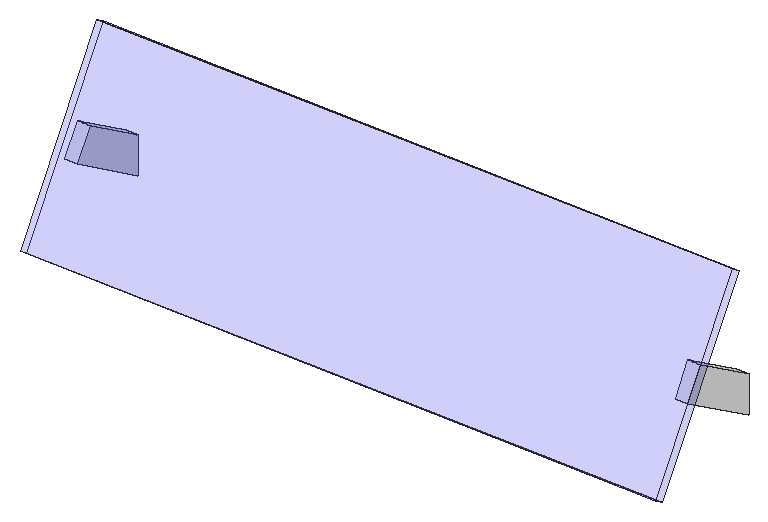
Revit family
Parameters
  Width = 995 mm
  Height = 300 mm
  프레임 = 루버 프레임
  유리 = 루버 유리
Reference planes
  plane 1 "중심(앞/뒤)": y = 0
  plane 2: z = 0
  plane 3 "중심(왼쪽/오른쪽)": x = -7.5
  plane 4: y = 150
  plane 5: x = -505
  plane 6: x = 490
  plane 7: x = -475
  plane 8: x = 480
  plane 9: x = 460
  plane 10: x = -495
  plane 11: through (0, -118.036, 137.404) normal (0, -0.5, -0.866)
Forms (mm)
  Extrusion 1, solid, material "루버 유리" <- "유리"
    sketch origin (490, 1296.25, 1200) x (0, 1, 0) y (0, 0, 1)
      loop
        line (-1339.287, -932.692) -> (-1489.287, -1192.5) -> (-1476.297, -1200) -> (-1326.297, -940.192) -> (-1339.287, -932.692)
    from 0 to -995
  Extrusion 2, solid, material "루버 프레임" <- "프레임"
    sketch origin (490, 1296.25, 1200) x (0, 1, 0) y (0, 0, 1)
      loop
        line (-1296.25, -1101.877) -> (-1388.797, -1048.446) -> (-1413.797, -1091.747) -> (-1296.25, -1159.612) -> (-1296.25, -1101.877)
    from -965 to -985
  Extrusion 3, solid, material "루버 프레임" <- "프레임"
    sketch origin (1445, 1296.25, 1200) x (0, 1, 0) y (0, 0, 1)
      loop
        line (-1296.25, -1101.877) -> (-1388.797, -1048.446) -> (-1413.797, -1091.747) -> (-1296.25, -1159.612) -> (-1296.25, -1101.877)
    from -965 to -985
Dimensions and locks
  "Width": plane 5 to plane 6
  plane 5 to plane 7 = 30 mm
  plane 9 to plane 8 to plane 6 = 20 mm locked, 10 mm locked
  plane 10 to plane 7 = 20 mm
  equal spacing: plane 5, plane 3 "중심(왼쪽/오른쪽)", plane 6
  equal spacing: Extrusion 1 sketch curve, plane 11, Extrusion 1 sketch curve
  "Height": Extrusion 1 sketch curve to Extrusion 1 sketch curve
  locked: Extrusion 1 sketch curve to Extrusion 1 sketch curve at 15
  aligned and locked: Extrusion 1 to plane 5
  aligned and locked: plane 7 to Extrusion 2
  aligned and locked: Extrusion 3 to plane 9
  aligned and locked: plane 8 to Extrusion 3
  aligned and locked: Extrusion 2 to plane 10
  aligned and locked: Extrusion 1 sketch curve to Extrusion 2
Automatic sketch dimensions
  Extrusion 2 sketch curve to plane 1 "중심(앞/뒤)" = 0 mm
  plane 1 "중심(앞/뒤)" to Extrusion 2 sketch curve = 92.546 mm
  Extrusion 2 sketch curve to Extrusion 2 sketch curve = 25 mm
  level to Extrusion 2 sketch curve = 40.388 mm
  Extrusion 2 sketch curve to Extrusion 2 sketch curve = 57.735 mm
  Extrusion 3 sketch curve to plane 1 "중심(앞/뒤)" = 0 mm
  plane 1 "중심(앞/뒤)" to Extrusion 3 sketch curve = 92.546 mm
  Extrusion 3 sketch curve to Extrusion 3 sketch curve = 25 mm
  level to Extrusion 3 sketch curve = 40.388 mm
  Extrusion 3 sketch curve to Extrusion 3 sketch curve = 57.735 mm
